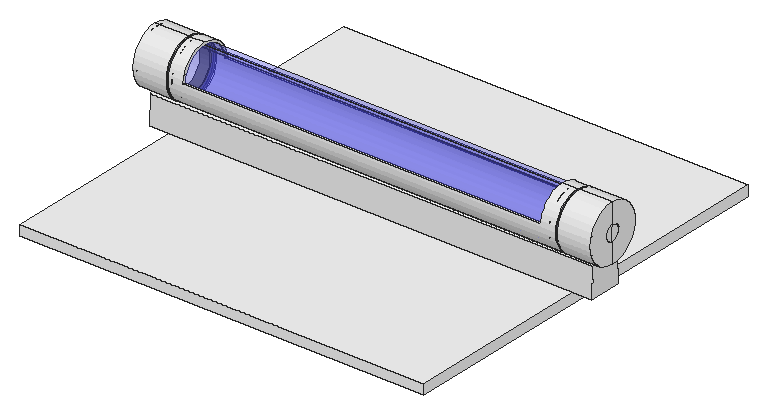
Revit family "BE_23233.1_de_DE", category Leuchten, Revit 2020
Family settings
  Basisbauteil = Fläche
  Bemaßung runder Anschluss = Durchmesser verwenden
  Teiletyp = Normal
  Beim Laden mit Abzugskörper schneiden = Ja
  Lichtquelle = Ja
  Gemeinsam genutzt = Nein
  Raumberechnungspunkt = Ja
Parameters (values of type "BEGA_23233.1_K3")
  built-in parameter 1150104 = 11.065 (stored number, unit not read)
  Wattage = 12.6 W
  Default Elevation = 0 mm
  built-in parameter 1150113 = 1 (stored number, unit not read)
  built-in parameter 1114218 = 1 (stored number, unit not read)
  Umgebungstemperatur = "25 °C"
  URL = "http://www.bega.de/de/produkt/23233.1"
  Typenkommentare = "© 2022 BEGA. Wir behalten uns das Recht vor, technische Änderungen ohne vorherige Ankündigung vorzunehmen."  # constant formula
  built-in parameter 1150134 = 12
  built-in parameter 1150109 = 1 (stored number, unit not read)
  Strom = ""
  built-in parameter 1150110 = 1 (stored number, unit not read)
  Spannung = 239.996 V
  Sonderanfertigung = no
  Seriennummer [instance] = "Hier können Sie die eindeutige Seriennummer für das Facility Management eintragen."
  Schutzklasse = "I"
  Schutzart = "IP 20"
  Scheinlast = 0 VA
  Produktdatenblatt = "http://www.bega.de/download/Xrfa/db/23233.1.db.de.pdf"
  Oberflächentemperatur = ""
  Neigungswinkel = 0.00°
  Model = "23233.1K4"
  Material_18 = BEGA_Gummi_schwarz
  Material_17 = BEGA_Reflektor
  Material_15 = BEGA_Leuchtmedium_matt
  Material_11 = BEGA_Glas_opal
  Material_09 = BEGA_Glas_klar
  Material_06 = BEGA_Oberfläche_Edelstahl_gebürstet
  Material_05 = BEGA_Oberfläche_Aluminium Guss
  Material_04 = BEGA_Kunststoff_Grafit_matt
  Material_03 = BEGA_Oberfläche_Weiss_matt
  Material_02 = BEGA_Oberfläche_Silber_matt
  Material_01 [instance] = BEGA_Oberfläche_Grafit_matt
  M_W = no
  M_G = no
  M_A = no
  Logo = 0
  built-in parameter 1114217 = 1 (stored number, unit not read)
  built-in parameter 1150139 = (empty or 0)
  built-in parameter 1150105 = 119.42 (stored number, unit not read)
  built-in parameter 1150114 = 1 (stored number, unit not read)
  Lumens = 1500.66 lm
  built-in parameter 1150115 = 1 (stored number, unit not read)
  Leuchtenlichtstrom = "865 lm"
  Leuchtenanzahl = ""
  Lebensdauerkriterien = "L70B50 @ 25 °C = 420000 h"
  Lastklassifizierung = Beleuchtung
  built-in parameter 1150112 = 1 (stored number, unit not read)
  Lampenlichtstrom = "1280 lm"
  Lampe = "LED 7.8 W"
  LED_Modulbezeichnung = "2x LED-0273/940"
  Hersteller = "BEGA"  # constant formula
  Halbstreuwinkel = ""
  Gewicht = "1.1 kg"
  Gebrauchslageneinschränkung [instance] = ""
  Frequenz = "0/50-60 Hz"
  Farbwiedergabeindex = "CRI > 90"
  Farbtemperaturverschiebung bei Dämpfen der Lampe = <Keine Auswahl>
  Farbtemperatur = "4000 K"
  Color Filter = 16777215
  built-in parameter 1150133 = 10 (stored number, unit not read)
  Energieeffizienzklasse = "LED A++ - A"
  built-in parameter 1150137 = (empty or 0)
  built-in parameter 1150132 = (empty or 0)
  ENEC = "ja"
  Dimmbar [instance] = ""
  Photometric Web File = "BE_23233.1K4.IES"
  CE_Konformität = "ja"
  Bestellnummer = "23233.1K4"
  Beschreibung_Sonderanfertigung = "Hier können Sie Informationen zur Sonderanfertigung eintragen."
  Beschreibung = "Wandleuchte"
  built-in parameter 1150106 = 1.1942 (stored number, unit not read)
  Befestigungsbohrung = "Ø 6 mm"
  Befestigungsabstand = "360 mm"
  Ballwurfsicher = ""
  BEGA_Intern_aus = yes
  BEGA_Intern_an = yes
  BEGA_Intern_Konstruktion = yes
  BEGA_Intern = yes
  BEGA_IES = yes
  BEGA_Dummy = no
  Anschlussleitung = ""
  Anschlussleistung [instance] = "10 W"
  Anschlusskasten = ""
  built-in parameter 1150107 = 4000 (stored number, unit not read)
  built-in parameter 1150102 = (empty or 0)
  built-in parameter 1150138 = (empty or 0)
  Aktualisierung = "2019-07-05T04:00:16"
  Abstand_zur_angestrahlten_Fläche [instance] = ""
  AC/DC = "AC/DC"
Reference planes
  plane 1 "Mitte (Vorne/Hinten)": y = 0
  plane 2: z = 0
  plane 3 "Mitte (Links/Rechts)": x = 0
  plane 4 "Links": x = -226
  plane 5 "Rechts": x = 226
  plane 6 "Unten": y = -27.5
  plane 7 "Oben": y = 27.5
  plane 8 "Vorne": z = 81.94
  plane 9 "Hinten": z = 0
Forms (mm)
  Extrusion 1, solid, material "BEGA_Platte_Weiss"
    sketch origin (0, -1119.2, 0) x (1, 0, 0) y (0, 1, 0)
      loop
        line (-200, 1319.2) -> (-200, 919.2) -> (200, 919.2) -> (200, 1319.2) -> (-200, 1319.2)
    from 0 to -10
  Extrusion 2, solid, material "BEGA_Dummy_matt", visible <- "BEGA_Dummy"
    sketch origin (80.095, -76.023, 0) x (1, 0, 0) y (0, 1, 0)
      loop
        line (-306.095, 103.523) -> (-306.095, 48.523) -> (145.905, 48.523) -> (145.905, 103.523) -> (-306.095, 103.523)
    from 0 to 81.94
Dimensions and locks
  plane 1 "Mitte (Vorne/Hinten)" to Extrusion 1 = 200 mm
  aligned and locked: plane 2 to Extrusion 1
  aligned and locked: level to Extrusion 1
Nested families
  nested 1: "BE_23233.1" at (0, 0, 0), type "BE_23233.1"
Connectors
  electrical at (0, 0, 0), driven by "Lastklassifizierung", driven by "Spannung", driven by "Scheinlast"
    settings: index 1, voltage 239.996 V, apparent load 0 VA, apparent load phase1 0 VA, apparent load phase2 0 VA, apparent load phase3 0 VA, power factor 1, load classification "Beleuchtung", number of poles 1, system type 31, power factor state 1, is connector primary yes, connector utility no, sub classification motor no, connector description ""
Definition of nested family "BE_23233.1"
  Parameters (values of type "BE_23233.1")
    Default Elevation = 1 mm
    URL = "http://www.bega.de/de/produkt"
    Type Comments = "© 2015 BEGA. Wir behalten uns das Recht vor, technische Änderungen ohne vorherige Ankündigung vorzunehmen. "  # constant formula
    Type Image = (empty or 0)
    Neigungswinkel_um_Z2 = 0.00°
    Neigungswinkel_um_Z1 = 0.00°
    Neigungswinkel_um_Y2 = 0.00°
    Neigungswinkel_um_Y1 = 0.00°
    Neigungswinkel_um_X2 = 0.00°
    Neigungswinkel_um_X1 = 0.00°
    Material_18 = none
    Material_17 = none
    Material_15 = none
    Material_11 = none
    Material_09 = none
    Material_06 = none
    Material_05 = none
    Material_04 = none
    Material_03 = none
    Material_02 = none
    Material_01 = none
    M_W = yes
    M_G = yes
    M_A = yes
    Länge_Platte = 600 mm  # constant formula
    Höhe_Platte = -10 mm  # constant formula
    Manufacturer = "BEGA"  # constant formula
    Drehwinkel_um_Z2 = 0.00°
    Drehwinkel_um_Z1 = 0.00°
    Breite_Platte = 200 mm  # constant formula
  Reference planes
    plane 1 "Mitte (Oben/Unten)": y = 0
    plane 2: z = 0
    plane 3 "Mitte (Links/Rechts)": x = 0
    plane 4: x = -226
    plane 5: x = 226
    plane 6: z = 81.94
    plane 7: y = 27.5
    plane 8: y = -27.5
  Forms (mm)
    Extrusion 1, solid, detail levels medium
      sketch origin (0, 0, 0) x (1, 0, 0) y (0, 1, 0)
        loop
          line (-300, 100) -> (-300, -100) -> (300, -100) -> (300, 100) -> (-300, 100)
      from 0 to -10 <- "Höhe_Platte"
    Revolve 2, solid, material <- "Material_03", detail levels medium+fine
      sketch origin (-301.397, 0, -424.763) x (1, 0, 0) y (0, 0, 1)
        loop
          line (75.397, 506.703) -> (75.397, 479.203) -> (77.397, 479.203) -> (77.397, 504.403)
          arc (77.397, 504.403) -> (77.565, 504.894) -> (77.999, 505.178) r 0.8
          line (77.999, 505.178) -> (108.397, 505.178) -> (108.397, 506.703) -> (75.397, 506.703)
        axis (75.397, 479.203) -> (108.397, 479.203)
      angle from 0 to 360
    Revolve 3, solid, material <- "Material_03", detail levels medium+fine
      sketch origin (-296.41, 0, -424.763) x (1, 0, 0) y (0, 0, 1)
        loop
          line (488.41, 506.703) -> (104.41, 506.703) -> (104.41, 505.803) -> (111.41, 505.803) -> (111.41, 504.703) -> (481.41, 504.703) -> (481.41, 505.803) -> (488.41, 505.803) -> (488.41, 506.703)
        axis (104.41, 479.294) -> (488.41, 479.294)
      angle from 0 to 360
    Extrusion 4, void
      sketch origin (-296.41, 0, -424.763) x (1, 0, 0) y (0, 0, 1)
        loop
          line (119.407, 481.794) -> (473.41, 481.794) -> (473.41, 508.598) -> (119.407, 508.598) -> (119.407, 481.794)
      from -31.307 to 33.537
    Extrusion 5, solid, material <- "Material_03", detail levels medium+fine
      sketch origin (0, 0, 0) x (0, 1, 0) y (0, 0, 1)
        loop
          line (-13.5, 30) -> (-15.001, 28.499) -> (-15.996, 0) -> (-14.001, 0) -> (-13.04, 27.513)
          arc (-13.04, 27.513) -> (-11.817, 26.956) -> (-10.57, 26.454) r 30
          line (-10.57, 26.454) -> (-10, 21.031) -> (10, 21.031) -> (10.57, 26.454)
          arc (10.57, 26.454) -> (11.817, 26.956) -> (13.04, 27.513) r 30
          line (13.04, 27.513) -> (14.001, 0) -> (15.996, 0) -> (15.001, 28.499) -> (13.5, 30)
          arc (13.5, 30) -> (11.056, 28.806) -> (8.507, 27.854) r 28
          line (8.507, 27.854) -> (8, 23.031) -> (-8, 23.031) -> (-8.507, 27.854)
          arc (-8.507, 27.854) -> (-11.056, 28.806) -> (-13.5, 30) r 28
      from -218.5 to 218.5
    Extrusion 6, solid, material <- "Material_03", detail levels medium+fine
      sketch origin (0, 0, 0) x (0, 1, 0) y (0, 0, 1)
        loop
          line (-15.001, 28.499) -> (-15.996, 0) -> (15.996, 0) -> (15.001, 28.499) -> (13.5, 30)
          arc (13.5, 30) -> (0, 26.531) -> (-13.5, 30) r 28
          line (-13.5, 30) -> (-15.001, 28.499)
      from 216.5 to 218.5
    Extrusion 7, solid, material <- "Material_03", detail levels medium+fine
      sketch origin (9.974, 0, 0) x (0, 1, 0) y (0, 0, -1)
        loop
          line (-15.001, -28.499) -> (-13.5, -30)
          arc (-13.5, -30) -> (0, -26.531) -> (13.5, -30) r 28
          line (13.5, -30) -> (15.001, -28.499) -> (15.996, 0) -> (-15.996, 0) -> (-15.001, -28.499)
      from 226.474 to 228.474
    Revolve 8, solid, material <- "Material_18", detail levels medium+fine
      sketch origin (0, 0, 0) x (1, 0, 0) y (0, 0, 1)
        loop
          line (-192, 81.94) -> (-193, 81.94) -> (-193, 80.415) -> (-198, 80.415) -> (-198, 74.94) -> (-188, 74.94) -> (-188, 81.04) -> (-192, 81.04) -> (-192, 81.94)
        axis (-198, 54.44) -> (-188, 54.44)
      angle from 0 to 360
    Revolve 9, solid, material <- "Material_03", detail levels medium+fine
      sketch origin (301.397, 0, -424.763) x (-1, 0, 0) y (0, 0, 1)
        loop
          line (75.397, 506.703) -> (75.397, 479.203) -> (77.397, 479.203) -> (77.397, 504.403)
          arc (77.397, 504.403) -> (77.565, 504.894) -> (77.999, 505.178) r 0.8
          line (77.999, 505.178) -> (108.397, 505.178) -> (108.397, 506.703) -> (75.397, 506.703)
        axis (75.397, 479.203) -> (108.397, 479.203)
      angle from 0 to 360
    Revolve 10, solid, material <- "Material_18", detail levels medium+fine
      sketch origin (0, 0, 0) x (-1, 0, 0) y (0, 0, 1)
        loop
          line (-192, 81.94) -> (-193, 81.94) -> (-193, 80.415) -> (-198, 80.415) -> (-198, 74.94) -> (-188, 74.94) -> (-188, 81.04) -> (-192, 81.04) -> (-192, 81.94)
        axis (-198, 54.531) -> (-188, 54.531)
      angle from 0 to 360
    Revolve 11, solid, material <- "Material_11", detail levels medium+fine
      sketch origin (0, 0, 0) x (1, 0, 0) y (0, 0, 1)
        loop
          line (-187.847, 79.44) -> (-187.847, 76.467) -> (186.734, 76.467) -> (186.734, 79.44) -> (-187.847, 79.44)
        axis (-187.847, 54.531) -> (186.734, 54.531)
      angle from 0 to 360
    Revolve 12, solid, material <- "Material_04", detail levels medium+fine
      sketch origin (0, 0, 0) x (1, 0, 0) y (0, 0, 1)
        loop
          spline (-228.639, 61.616) -> (-228.74, 61.415) -> (-228.837, 61.12) -> (-228.929, 60.736) -> (-229.015, 60.269) -> (-229.094, 59.723) -> (-229.165, 59.107) -> (-229.226, 58.428) -> (-229.278, 57.697) -> (-229.319, 56.921) -> (-229.348, 56.113) -> (-229.366, 55.282) -> (-229.372, 54.44)
          line (-229.372, 54.44) -> (-225.632, 54.44) -> (-225.632, 64.39) -> (-226.8, 64.39)
          arc (-226.8, 64.39) -> (-227.507, 64.097) -> (-227.8, 63.39) r 1
          line (-227.8, 63.39) -> (-227.8, 61.771) -> (-228.639, 61.616)
        axis (-229.372, 54.44) -> (-225.632, 54.44)
      angle from 0 to 360
    Extrusion 13, void
      sketch origin (0, 0, 0) x (1, 0, 0) y (0, 1, 0)
        loop
          arc (-183, 2.75) -> (-185.75, 0) -> (-183, -2.75) r 2.75
          line (-183, -2.75) -> (-177, -2.75)
          arc (-177, -2.75) -> (-174.25, 0) -> (-177, 2.75) r 2.75
          line (-177, 2.75) -> (-183, 2.75)
        loop
          line (177.25, 3) -> (177.25, -3)
          arc (177.25, -3) -> (180, -5.75) -> (182.75, -3) r 2.75
          line (182.75, -3) -> (182.75, 3)
          arc (182.75, 3) -> (180, 5.75) -> (177.25, 3) r 2.75
      from 0 to 6.521
    Revolve 14, void
      sketch origin (0, 0, 0) x (1, 0, 0) y (0, 0, 1)
        loop
          line (224.801, 62.29) -> (224.801, 54.44) -> (226.465, 54.44) -> (226.465, 62.29) -> (224.801, 62.29)
        axis (226.465, 54.44) -> (224.801, 54.44)
      angle from 0 to 360
    Revolve 15, solid, material <- "Material_03", detail levels medium+fine
      sketch origin (0, 0, 0) x (1, 0, 0) y (0, 0, 1)
        loop
          line (224.801, 61.84) -> (224.801, 54.44) -> (225.804, 54.44) -> (225.804, 61.84) -> (224.801, 61.84)
        axis (224.801, 54.44) -> (225.804, 54.44)
      angle from 0 to 360
    Extrusion 16, solid, material <- "Material_03", detail levels medium+fine
      sketch origin (0, 0, 0) x (1, 0, 0) y (0, 0, 1)
        loop
          line (-190, 4.5) -> (-190, 2) -> (-170, 2) -> (-170, 4.5) -> (-190, 4.5)
        loop
          line (170, 4.5) -> (170, 2) -> (190, 2) -> (190, 4.5) -> (170, 4.5)
      from -14.966 to 14.737
  Cuts and joins
    Extrusion 4 cuts Revolve 3
    Extrusion 13 cuts Extrusion 5
    Extrusion 13 cuts Extrusion 6
    Extrusion 13 cuts Extrusion 7
    Extrusion 13 cuts Extrusion 16
    joined: Extrusion 5, Extrusion 6, Extrusion 7, Extrusion 16
    Extrusion 13, Revolve 14 cuts Revolve 9
    Extrusion 13 cuts Revolve 10
  Dimensions and locks
    equal spacing: Extrusion 1 sketch curve, plane 3 "Mitte (Links/Rechts)", Extrusion 1 sketch curve
    equal spacing: Extrusion 1 sketch curve, plane 1 "Mitte (Oben/Unten)", Extrusion 1 sketch curve
    "Länge_Platte": Extrusion 1 sketch curve to Extrusion 1 sketch curve
    "Breite_Platte": Extrusion 1 sketch curve to Extrusion 1 sketch curve
    aligned and locked: Extrusion 1 to plane 2
    aligned and locked: level to Extrusion 1
  Automatic sketch dimensions
    Revolve 2 sketch curve to Revolve 2 sketch curve = 2 mm
    Revolve 2 sketch curve to Revolve 2 sketch curve = 0.602 mm
    Revolve 2 sketch curve to Revolve 2 sketch curve = 0.8 mm
    Revolve 2 sketch curve to Revolve 2 sketch curve = 30.2 mm
    level to Revolve 2 sketch curve = 54.44 mm
    Revolve 2 sketch curve to Revolve 2 sketch curve = 25.2 mm
    Revolve 2 sketch curve to Revolve 2 sketch curve = 1.525 mm
    Revolve 2 sketch curve to Revolve 2 sketch curve = 0 mm  (x2)
    Revolve 2 sketch curve to Revolve 2 sketch curve = 8 mm
    Revolve 3 sketch curve to Revolve 3 sketch curve = 7 mm  (x2)
    level to Revolve 3 sketch curve = 79.94 mm
    Revolve 3 sketch curve to Revolve 3 sketch curve = 1.1 mm  (x2)
    Revolve 3 sketch curve to Revolve 3 sketch curve = 0.9 mm
    Revolve 3 sketch curve to Revolve 3 sketch curve = 42.915 mm
    Revolve 3 sketch curve to Revolve 3 sketch curve = 75.487 mm
    Revolve 3 sketch curve to Revolve 3 sketch curve = 25.409 mm
    Extrusion 5 sketch curve to Extrusion 5 sketch curve = 0 mm  (x12)
    Extrusion 5 sketch curve to level = 0 mm  (x2)
    Extrusion 5 sketch curve to plane 1 "Mitte (Oben/Unten)" = 0 mm
    plane 1 "Mitte (Oben/Unten)" to Extrusion 5 sketch curve = 8 mm
    Extrusion 5 sketch curve to Extrusion 5 sketch curve = 0.507 mm  (x2)
    Extrusion 5 sketch curve to Extrusion 5 sketch curve = 2 mm  (x3)
    Extrusion 5 sketch curve to Extrusion 5 sketch curve = 2.063 mm  (x2)
    Extrusion 5 sketch curve to Extrusion 5 sketch curve = 2.47 mm  (x2)
    Extrusion 5 sketch curve to Extrusion 5 sketch curve = 0.46 mm  (x2)
    plane 1 "Mitte (Oben/Unten)" to Extrusion 5 sketch curve = 14.001 mm
    Extrusion 5 sketch curve to Extrusion 5 sketch curve = 1.501 mm  (x4)
    Extrusion 5 sketch curve to Extrusion 5 sketch curve = 1.995 mm  (x2)
    Extrusion 5 sketch curve to plane 1 "Mitte (Oben/Unten)" = 8 mm
    Extrusion 5 sketch curve to plane 1 "Mitte (Oben/Unten)" = 14.001 mm
    level to Extrusion 5 sketch curve = 21.031 mm
    Extrusion 5 sketch curve to Extrusion 5 sketch curve = 3.423 mm  (x2)
    Extrusion 5 sketch curve to Extrusion 5 sketch curve = 1.058 mm
    Extrusion 5 sketch curve to Extrusion 5 sketch curve = 1.4 mm  (x2)
    Extrusion 6 sketch curve to level = 0 mm
    Extrusion 6 sketch curve to plane 1 "Mitte (Oben/Unten)" = 0 mm
    plane 1 "Mitte (Oben/Unten)" to Extrusion 6 sketch curve = 13.5 mm
    Extrusion 6 sketch curve to Extrusion 6 sketch curve = 1.501 mm  (x3)
    plane 1 "Mitte (Oben/Unten)" to Extrusion 6 sketch curve = 15.996 mm
    Extrusion 6 sketch curve to plane 1 "Mitte (Oben/Unten)" = 13.5 mm
    Extrusion 6 sketch curve to plane 1 "Mitte (Oben/Unten)" = 15.996 mm
    level to Extrusion 6 sketch curve = 28.499 mm  (x2)
    Extrusion 6 sketch curve to Extrusion 6 sketch curve = 24.531 mm
    Extrusion 7 sketch curve to level = 0 mm
    Extrusion 7 sketch curve to plane 1 "Mitte (Oben/Unten)" = 0 mm
    plane 1 "Mitte (Oben/Unten)" to Extrusion 7 sketch curve = 13.5 mm
    Extrusion 7 sketch curve to Extrusion 7 sketch curve = 1.501 mm  (x3)
    plane 1 "Mitte (Oben/Unten)" to Extrusion 7 sketch curve = 15.996 mm
    Extrusion 7 sketch curve to plane 1 "Mitte (Oben/Unten)" = 13.5 mm
    Extrusion 7 sketch curve to plane 1 "Mitte (Oben/Unten)" = 15.996 mm
    level to Extrusion 7 sketch curve = 28.499 mm  (x2)
    Extrusion 7 sketch curve to Extrusion 7 sketch curve = 24.531 mm
    Revolve 9 sketch curve to Revolve 9 sketch curve = 2 mm
    Revolve 9 sketch curve to Revolve 9 sketch curve = 0.602 mm
    Revolve 9 sketch curve to Revolve 9 sketch curve = 0.8 mm
    Revolve 9 sketch curve to Revolve 9 sketch curve = 30.2 mm
    Revolve 9 sketch curve to level = 54.44 mm
    Revolve 9 sketch curve to Revolve 9 sketch curve = 25.2 mm
    Revolve 9 sketch curve to Revolve 9 sketch curve = 1.525 mm
    Revolve 9 sketch curve to Revolve 9 sketch curve = 0 mm  (x2)
    Revolve 9 sketch curve to Revolve 9 sketch curve = 8 mm
    level to Revolve 11 sketch curve = 76.467 mm
    Revolve 11 sketch curve to Revolve 11 sketch curve = 2.972 mm
    Revolve 11 sketch curve to Revolve 11 sketch curve = 49.347 mm
    Revolve 11 sketch curve to Revolve 11 sketch curve = 121.913 mm
    Revolve 11 sketch curve to Revolve 11 sketch curve = 21.937 mm
    Revolve 12 sketch curve to Revolve 12 sketch curve = 0.733 mm
    Revolve 12 sketch curve to Revolve 12 sketch curve = 7.176 mm
    Revolve 12 sketch curve to Revolve 12 sketch curve = 2.774 mm
    Revolve 12 sketch curve to Revolve 12 sketch curve = 0.896 mm
    Revolve 12 sketch curve to Revolve 12 sketch curve = 0.525 mm
    Revolve 12 sketch curve to Revolve 12 sketch curve = 0.368 mm
    Revolve 12 sketch curve to Revolve 12 sketch curve = 0 mm  (x2)
    Revolve 12 sketch curve to Revolve 12 sketch curve = 1.168 mm
    Revolve 12 sketch curve to Revolve 12 sketch curve = 0.034 mm
    Revolve 12 sketch curve to Revolve 12 sketch curve = 0.676 mm
    Revolve 12 sketch curve to Revolve 12 sketch curve = 1 mm
    level to Revolve 12 sketch curve = 54.44 mm
    Extrusion 13 sketch curve to Extrusion 13 sketch curve = 2.75 mm  (x2)
    Extrusion 13 sketch curve to Extrusion 13 sketch curve = 6 mm  (x2)
    Revolve 10 sketch curve to Revolve 10 sketch curve = 5 mm
    Revolve 10 sketch curve to Revolve 10 sketch curve = 1 mm
    Revolve 10 sketch curve to Revolve 10 sketch curve = 4 mm
    Revolve 10 sketch curve to Revolve 10 sketch curve = 39.572 mm
    Revolve 8 sketch curve to Revolve 8 sketch curve = 5 mm
    Revolve 8 sketch curve to Revolve 8 sketch curve = 1 mm
    Revolve 8 sketch curve to Revolve 8 sketch curve = 4 mm
    Revolve 8 sketch curve to Revolve 8 sketch curve = 27.585 mm
    Revolve 8 sketch curve to Revolve 8 sketch curve = 1.987 mm
    Revolve 8 sketch curve to Revolve 8 sketch curve = 20.5 mm
    plane 3 "Mitte (Links/Rechts)" to Revolve 3 sketch curve = 185 mm
    Revolve 9 sketch curve to plane 3 "Mitte (Links/Rechts)" = 226 mm
    Revolve 10 sketch curve to plane 3 "Mitte (Links/Rechts)" = 198 mm
    Revolve 10 sketch curve to Revolve 10 sketch curve = 38.915 mm
    plane 3 "Mitte (Links/Rechts)" to Revolve 11 sketch curve = 186.734 mm
    plane 3 "Mitte (Links/Rechts)" to Extrusion 13 sketch curve = 177.25 mm
    Revolve 2 sketch curve to plane 3 "Mitte (Links/Rechts)" = 226 mm
    Revolve 3 sketch curve to plane 3 "Mitte (Links/Rechts)" = 185 mm
    Revolve 8 sketch curve to plane 3 "Mitte (Links/Rechts)" = 198 mm
    Revolve 11 sketch curve to plane 3 "Mitte (Links/Rechts)" = 187.847 mm
    Revolve 12 sketch curve to plane 3 "Mitte (Links/Rechts)" = 229.372 mm
    Extrusion 13 sketch curve to plane 3 "Mitte (Links/Rechts)" = 177 mm
    plane 3 "Mitte (Links/Rechts)" to Revolve 14 sketch curve = 224.801 mm
    Revolve 14 sketch curve to Revolve 14 sketch curve = 1.665 mm
    Revolve 14 sketch curve to Revolve 14 sketch curve = 7.85 mm
    Revolve 14 sketch curve to Revolve 14 sketch curve = 2.977 mm
    Revolve 14 sketch curve to Revolve 14 sketch curve = 2.859 mm
    Revolve 14 sketch curve to Revolve 14 sketch curve = 0 mm
    plane 3 "Mitte (Links/Rechts)" to Revolve 15 sketch curve = 224.801 mm
    Revolve 15 sketch curve to Revolve 15 sketch curve = 1.002 mm
    Revolve 15 sketch curve to Revolve 15 sketch curve = 7.4 mm
    Revolve 15 sketch curve to Revolve 15 sketch curve = 2.075 mm
    Revolve 15 sketch curve to Revolve 15 sketch curve = 1.434 mm
    Revolve 15 sketch curve to Revolve 15 sketch curve = 0 mm
    Extrusion 4 sketch curve to plane 3 "Mitte (Links/Rechts)" = 177.003 mm
    plane 3 "Mitte (Links/Rechts)" to Extrusion 4 sketch curve = 177 mm
    level to Extrusion 16 sketch curve = 2 mm  (x2)
    Extrusion 16 sketch curve to plane 3 "Mitte (Links/Rechts)" = 190 mm
    Extrusion 16 sketch curve to Extrusion 16 sketch curve = 20 mm  (x2)
    level to Extrusion 16 sketch curve = 4.5 mm
    plane 3 "Mitte (Links/Rechts)" to Extrusion 16 sketch curve = 170 mm
    Extrusion 16 sketch curve to Extrusion 16 sketch curve = 2.5 mm
    level to Extrusion 4 sketch curve = 57.031 mm
    Extrusion 4 sketch curve to Extrusion 4 sketch curve = 26.804 mm
    level to Revolve 8 sketch curve = 74.94 mm
    Revolve 8 sketch curve to Revolve 8 sketch curve = 5.475 mm
    Revolve 8 sketch curve to Revolve 8 sketch curve = 0.625 mm
    Revolve 8 sketch curve to Revolve 8 sketch curve = 0.9 mm
    Revolve 10 sketch curve to level = 74.94 mm
    Revolve 10 sketch curve to Revolve 10 sketch curve = 5.475 mm
    Revolve 10 sketch curve to Revolve 10 sketch curve = 0.625 mm
    Revolve 10 sketch curve to Revolve 10 sketch curve = 0.9 mm
    Revolve 10 sketch curve to level = 54.531 mm
    level to Revolve 14 sketch curve = 54.44 mm
    level to Revolve 15 sketch curve = 54.44 mm
    plane 1 "Mitte (Oben/Unten)" to Extrusion 13 sketch curve = 0 mm
    plane 1 "Mitte (Oben/Unten)" to Extrusion 13 sketch curve = 3 mm
